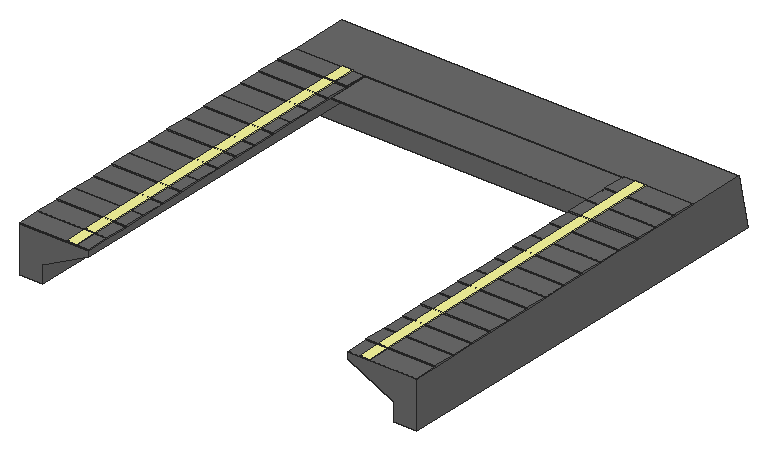
Revit family "Dock_Seal_Nova-Tech_FPHU", category Generic Models, Revit 2026
Family settings
  Can host rebar = No
  Round Connector Dimension = Use Diameter
  Part Type = Normal
  Classification Number = 23.50.70.11
  Work Plane-Based = Yes
  Always vertical = No
  Cut with Voids When Loaded = No
  Maintain Annotation Orientation = No
  Shared = No
  Room Calculation Point = No
Parameters
  projectionabs [instance] = abs(Projection_Top - Projection_Bottom) / 0' 1"  # 2
  faceangle [instance] = if(Projection_Top > Projection_Bottom, atan(projectionabs / ((Unit Height + Header Height) / 0' 1")), -atan(projectionabs / ((Unit Height + Header Height) / 0' 1")))  # 0.795724°
  Warranty Duration (Years) = 0
  Unit Width [instance] = (Opening Width + (Panel Width_Front * 2))  # 11' - 6"
  Unit Height [instance] = 10' - 0"
  Unit Depth [instance] = if(Projection_Top > Projection_Bottom, Projection_Top, Projection_Bottom)  # 1' - 6"
  URL = "http://www.novalocks.com/"
  Test Data = ""
  Specification = "http://arcat.com/arcatcos/cos43/arc43493.html?isac=1&r=2"
  SpecWizard = ""
  Send Message = "http://www.arcat.com/users.pl?action=UserEmail&company=Nova+Technology&coid=43493&rep=132&fax=262-502-1511&mf="
  Sales Information = "http://www.novalocks.com/general-contact-info/"
  Revision = "R1_02-2013"
  Pull Rope System for Drop Curtain [instance] = yes
  Projection_Top [instance] = 1' - 6"
  Projection_Bottom [instance] = 1' - 4"
  Product Properties = ""
  Product Data = "http://arcat.com/arcatcos/cos43/arc43493.html?isac=1&r=2"
  Pleat Sizing [instance] = Pleats : 8in Spacing
  Panel Width_Front [instance] = 2' - 0"
  Panel Width_Back = 0' - 8"
  Overall Height [instance] = Unit Height + Header Height  # 12' - 0"
  Opening Width Minimum = 6' - 6"
  Opening Width Maximum = 8' - 6"
  Opening Width [instance] = 7' - 6"
  Opening Height Minimum = 3' - 0"
  Opening Height Maximum = 12' - 0"
  Opening Height [instance] = Unit Height + Header Height  # 12' - 0"
  Model = "As Specified"
  Material = Polyethylene Sheeting - Black
  Manufacturer Website = "http://www.novalocks.com/"
  Manufacturer Phone - Toll Free = "800-236-7325"
  Manufacturer Phone = "262-502-1591"
  Manufacturer Fax = "262-502-1511"
  Manufacturer Address = "N90 W14507 Commerce Dr. Menomonee Falls, WI 53051"
  Manufacturer = "Nova Technology"
  Maintenance Schedule (Months) = 0
  Keynote = "11160"
  Installation-Fabrication = ""
  Installation Phase = ""
  Header Height [instance] = 2' - 0"
  Guide Color = Polyethylene Sheeting - Yellow
  Green Building-LEED = ""
  Full Length Guide Strip [instance] = yes
  Flame Retardant Foam and Fabric [instance] = yes
  Expected Lifespan (Years) = 0
  Drop Curtain [instance] = yes
  Drawn By = "Sumex Design, Inc. / Robert S. Weygant, CSI, CDT, SCIP"
  Description = "Nova Technology Dock Seal as Specified"
  Default Elevation = 4' - 0"
  Curtain Drop [instance] = 1' - 3"
  Copyright = "©Arcat Inc."
  Construction Details = ""
  Building Codes = ""
  Assembly Code = "E1030300"
  Armor Pleats = yes
Reference planes (in)
  plane 1 "Base": y = 0
  plane 2 "Host": z = 0
  plane 3 "Center (Left/Right)": x = 0
  plane 4 "OH": y = 120
  plane 5 "Left": x = -45
  plane 6 "Right": x = 45
  plane 7 "Front": z = 18
  plane 8: x = -69
  plane 9: x = 69
  plane 10: x = -45
  plane 11: x = 45
  plane 12: y = 124
  plane 13: y = 126
  plane 14: y = 144
  plane 15: y = 105
  plane 16: z = 18
  plane 17: z = 16
  plane 18: x = -61
  plane 19: x = 61
Forms (in)
  Extrusion 1, void
    sketch origin (0, 0, 0) x (1, 0, 0) y (0, 0, 1)
      loop
        line (-61, 0) -> (-45, 0) -> (-45, 14) -> (-61, 6) -> (-61, 0)
      loop
        line (61, 0) -> (61, 6) -> (45, 14) -> (45, 0) -> (61, 0)
    from -120 to 0
  Extrusion 2, solid, material "Polyethylene Sheeting - Black" <- "Material"
    sketch origin (0, 0, 0) x (0, 1, 0) y (0, 0, 1)
      loop
        line (0, 0) -> (144, 0) -> (144, 18) -> (0, 16) -> (0, 0)
    from -69 to 69
  Extrusion 3, void
    sketch origin (0, 0, 0) x (0, 1, 0) y (0, 0, 1)
      loop
        line (120, 0) -> (120, 18) -> (0, 18) -> (0, 0) -> (120, 0)
    from -45 to 45
  Extrusion 4, solid, material "Polyethylene Sheeting - Black" <- "Material", visible <- "Drop Curtain"
    sketch origin (0, 0, 0) x (0, 1, 0) y (0, 0, 1)
      loop
        line (120, 17.66667) -> (105, 17.45833) -> (105, 17.26523) -> (120, 17.47356) -> (120, 17.66667)
    from -45 to 45
  Extrusion 5, void
    sketch origin (0, 0, 0) x (0, 1, 0) y (0, 0, 1)
      loop
        line (144, 0) -> (144, 18) -> (140, 18) -> (144, 0)
    from -69 to 69
Cuts and joins
  Extrusion 1, Extrusion 3, Extrusion 5 cuts Extrusion 2
Lines and regions (in)
  reference lines
    curve 1: line (0, 0, 16) -> (0, -0.04802, 19.45744)
Dimensions and locks (in)
  equal spacing: plane 5 "Left", plane 3 "Center (Left/Right)", plane 6 "Right"
  equal spacing: plane 8, plane 3 "Center (Left/Right)", plane 9
  "Opening Width": plane 5 "Left" to plane 6 "Right"
  "Unit Width": plane 8 to plane 9
  "Unit Height": plane 1 "Base" to plane 4 "OH"
  "Unit Depth": plane 7 "Front" to level
  locked: plane 13 to plane 12 at 2
  "Panel Width_Front": plane 8 to plane 10
  "Panel Width_Front": plane 11 to plane 9
  "Header Height": plane 14 to plane 4 "OH"
  locked: plane 12 to plane 4 "OH" at 4
  "Curtain Drop": plane 4 "OH" to plane 15
  "Projection_Top": plane 16 to level
  "Projection_Bottom": plane 17 to level
  "Panel Width_Back": Extrusion 1 sketch curve to plane 8
  locked: Extrusion 1 sketch curve to level at 6  (x2)
  "Panel Width_Back": plane 9 to Extrusion 1 sketch curve
  locked: plane 17 to Extrusion 1 sketch curve at 2  (x2)
  "Panel Width_Back": plane 8 to plane 18
  "Panel Width_Back": plane 19 to plane 9
  locked: cut or joined group of Extrusion 1, Extrusion 2, Extrusion 3, Extrusion 5 to Extrusion 4 sketch curve at 0.19309
  locked: Extrusion 5 sketch curve to plane 14 at 4
  "faceangle": angle plane 4 "OH" to curve 1
  aligned and locked: plane 10 to Extrusion 1 sketch curve
  aligned and locked: plane 11 to Extrusion 1 sketch curve
  aligned and locked: plane 4 "OH" to Extrusion 1
  aligned and locked: plane 1 "Base" to Extrusion 1
  aligned and locked: plane 1 "Base" to Extrusion 2 sketch curve
  aligned and locked: Extrusion 2 sketch curve to level
  aligned and locked: plane 9 to Extrusion 2
  aligned and locked: plane 14 to Extrusion 2 sketch curve  (x2)
  aligned and locked: Extrusion 2 sketch curve to plane 16
  aligned and locked: Extrusion 2 to plane 8
  aligned and locked: Extrusion 3 sketch curve to level
  aligned and locked: plane 4 "OH" to Extrusion 3 sketch curve
  aligned and locked: Extrusion 3 sketch curve to plane 7 "Front"
  aligned and locked: plane 1 "Base" to Extrusion 3 sketch curve
  aligned and locked: plane 11 to Extrusion 3
  aligned and locked: Extrusion 3 to plane 10
  aligned and locked: plane 9 to nested 2
  aligned and locked: plane 17 to Extrusion 2 sketch curve
  aligned and locked: plane 8 to nested 1
  aligned and locked: nested 1 to cut or joined group of Extrusion 1, Extrusion 2, Extrusion 3, Extrusion 5
  aligned and locked: plane 17 to curve 1
  aligned and locked: plane 4 "OH" to Extrusion 4 sketch curve
  aligned and locked: Extrusion 4 sketch curve to plane 15
  aligned and locked: cut or joined group of Extrusion 1, Extrusion 2, Extrusion 3, Extrusion 5 to Extrusion 4 sketch curve
  aligned and locked: Extrusion 5 sketch curve to plane 7 "Front"
  aligned and locked: plane 14 to Extrusion 5 sketch curve
  aligned and locked: plane 9 to Extrusion 5
  aligned and locked: Extrusion 5 to plane 8
  aligned and locked: plane 6 "Right" to Extrusion 4
  aligned and locked: Extrusion 4 to plane 5 "Left"
  aligned and locked: plane 1 "Base" to curve 1
  aligned and locked: nested 2 to curve 1
  aligned and locked: nested 1 to curve 1
Automatic sketch dimensions
  Extrusion 1 sketch curve to level = 0' - 0"  (x2)
  Extrusion 5 sketch curve to level = 0' - 0"
Nested families (in)
  nested 1: "Pleats" at (-69, 0, 16) x (1, 0, 0) z (0, -0.0139, 0.9999), visible <- "Armor Pleats", Width <- "Panel Width_Front", Unit Height <- "Unit Height", Full Length Guide Strip <- "Full Length Guide Strip", type <- "Pleat Sizing", type "8in Spacing"
    with Width 2' - 0", Unit Height 10' - 0", Remainder 0' - 0", Pleatscount 13.9, Pleats 14, Last Pleat 0' - 8", Guide Strip Length 10' - 0", Full Length Guide Strip yes, Pleat Spacing 0' - 8"
  nested 2: "Pleats" at (69, 0, 16) x (-1, 0, 0) z (0, -0.0139, 0.9999), visible <- "Armor Pleats", Width <- "Panel Width_Front", Unit Height <- "Unit Height", Full Length Guide Strip <- "Full Length Guide Strip", type <- "Pleat Sizing", type "8in Spacing"
    with Width 2' - 0", Unit Height 10' - 0", Remainder 0' - 0", Pleatscount 13.9, Pleats 14, Last Pleat 0' - 8", Guide Strip Length 10' - 0", Full Length Guide Strip yes, Pleat Spacing 0' - 8"
Definition of nested family "Pleats"
  Parameters
    Width [instance] = 1' - 0"
    Unit Height [instance] = 10' - 0"
    Pleatscount [instance] = (Unit Height / Pleat Spacing) - 1.1  # 6.4
    Pleats [instance] = Pleatscount  # 6
    Pleat Spacing = 1' - 4"
    Material = none
    Remainder [instance] = Unit Height - ((Pleats + 1) * (Pleat Spacing / 0' 1")) * 0' 1"  # 0' - 8"
    Last Pleat [instance] = if(Remainder = 0' 0", Pleat Spacing, Remainder)  # 0' - 8"
    Guide Strip Length [instance] = if(Full Length Guide Strip, Unit Height, 2' 0")  # 10' - 0"
    Guide Strip = none
    Full Length Guide Strip [instance] = yes
    Default Elevation = 4' - 0"
    Assembly Code = ""
    Armor Pleats = yes
  Reference planes (in)
    plane 1 "Center (Front/Back)": y = 0
    plane 2: z = 0
    plane 3 "Center (Left/Right)": x = 0
    plane 4: x = 12
    plane 5: y = 120
    plane 6: y = 16
  Forms (in)
    Extrusion 1, solid, material <- "Material", visible <- "Armor Pleats"
      sketch origin (0, 0, 0) x (0, 1, 0) y (0, 0, 1)
        loop
          line (0, 0) -> (16, 0) -> (16, 0.25) -> (0, 0.25) -> (0, 0)
      from 0 to 12
    Extrusion 2, solid, material <- "Material", visible <- "Armor Pleats"
      sketch origin (0, 0, 0) x (0, 1, 0) y (0, 0, 1)
        loop
          line (112, 0) -> (120, 0) -> (120, 0.25) -> (112, 0.5) -> (112, 0)
      from 0 to 12
    Extrusion 3, solid, material <- "Guide Strip"
      sketch origin (0, 0, 0) x (0, 1, 0) y (0, 0, 1)
        loop
          line (0, 0.25) -> (120, 0.25) -> (120, 0.56422) -> (15.875, 0.56422) -> (15.875, 0.375) -> (0, 0.375) -> (0, 0.25)
      from 4.25 to 7.75
  Lines and regions (in)
    model lines
      curve 1: line (0, 0, 0) -> (0, 0, 0.25)
      curve 2: line (0, 0, 0) -> (0, 9, 0)
  Dimensions and locks (in)
    "Width": plane 3 "Center (Left/Right)" to plane 4
    equal spacing: group 1, group 2, group 3, group 4, group 5, group 6  (x3)
    "Pleat Spacing": plane 1 "Center (Front/Back)" to Extrusion 1 sketch curve
    "Unit Height": plane 1 "Center (Front/Back)" to plane 5
    "Last Pleat": Extrusion 2 sketch curve to plane 5
    "Pleat Spacing": nested 1 to nested 2
    "Pleat Spacing": plane 1 "Center (Front/Back)" to nested 1
    "Pleat Spacing": plane 1 "Center (Front/Back)" to plane 6
    locked: Extrusion 3 sketch curve to plane 6 at 0.125
    Extrusion 3 to Extrusion 3 to plane 4 = 0' - 3 1/2" locked, 0' - 4 1/4" locked
    "Guide Strip Length": plane 1 "Center (Front/Back)" to Extrusion 3 sketch curve
    aligned and locked: plane 3 "Center (Left/Right)" to nested 1
    aligned and locked: plane 4 to nested 1
    aligned and locked: plane 3 "Center (Left/Right)" to nested 2
    aligned and locked: plane 4 to nested 2
    aligned and locked: Extrusion 1 to plane 4
    aligned and locked: plane 5 to Extrusion 2 sketch curve
    aligned and locked: plane 4 to Extrusion 2
    aligned and locked: Extrusion 2 to plane 3 "Center (Left/Right)"
  Automatic sketch dimensions
    curve 1 to plane 1 "Center (Front/Back)" = 0' - 0"
    curve 2 to level = 0' - 0"
    curve 1 to curve 2 = 0' - 9"
    curve 1 to curve 1 = 0' - 0 1/4"
    Extrusion 1 sketch curve to level = 0' - 0"
    level to Extrusion 1 sketch curve = 0' - 0 1/4"
    Extrusion 1 sketch curve to plane 1 "Center (Front/Back)" = 0' - 0"
    Extrusion 2 sketch curve to level = 0' - 0"
    level to Extrusion 2 sketch curve = 0' - 0 1/4"
    level to Extrusion 2 sketch curve = 0' - 0 1/2"
    Extrusion 3 sketch curve to plane 1 "Center (Front/Back)" = 0' - 0"
    level to Extrusion 3 sketch curve = 0' - 0.56422"
    Extrusion 3 sketch curve to Extrusion 3 sketch curve = 0' - 0.18922"
    Extrusion 3 sketch curve to Extrusion 3 sketch curve = 0' - 0 1/8"
  Nested families (in)
    nested 1: "Pleat" at (0, 16, 0), Width <- "Width", visible <- "Armor Pleats", Mat <- "Material", Pleat Spacing <- "Pleat Spacing", type "Pleat"
      with Width 1' - 0", Pleat Spacing 1' - 4", Mat none
    nested 2: "Pleat" at (0, 32, 0), Width <- "Width", visible <- "Armor Pleats", Mat <- "Material", Pleat Spacing <- "Pleat Spacing", type "Pleat"
      with Width 1' - 0", Pleat Spacing 1' - 4", Mat none
    nested 3: "Pleat" at (0, 48, 0), Width <- "Width", visible <- "Armor Pleats", Mat <- "Material", Pleat Spacing <- "Pleat Spacing", type "Pleat"
      with Width 1' - 0", Pleat Spacing 1' - 4", Mat none
    nested 4: "Pleat" at (0, 64, 0), Width <- "Width", visible <- "Armor Pleats", Mat <- "Material", Pleat Spacing <- "Pleat Spacing", type "Pleat"
      with Width 1' - 0", Pleat Spacing 1' - 4", Mat none
    nested 5: "Pleat" at (0, 80, 0), Width <- "Width", visible <- "Armor Pleats", Mat <- "Material", Pleat Spacing <- "Pleat Spacing", type "Pleat"
      with Width 1' - 0", Pleat Spacing 1' - 4", Mat none
    nested 6: "Pleat" at (0, 96, 0), Width <- "Width", visible <- "Armor Pleats", Mat <- "Material", Pleat Spacing <- "Pleat Spacing", type "Pleat"
      with Width 1' - 0", Pleat Spacing 1' - 4", Mat none
  Definition of nested family "Pleat"
    Parameters
      Width [instance] = 1' - 0"
      Pleat Spacing [instance] = 0' - 8"
      Mat [instance] = none
      Default Elevation = 0' - 0"
      Armor Pleats = yes
    Reference planes (in)
      plane 1 "Center (Front/Back)": y = 0
      plane 2: z = 0
      plane 3 "Center (Left/Right)": x = 0
      plane 4: x = 12
    Forms (in)
      Extrusion 1, solid, material <- "Mat"
        sketch origin (0, -9, 0) x (0, 1, 0) y (0, 0, 1)
          loop
            line (9, 0) -> (17, 0) -> (17, 0.21875) -> (9, 0.4375) -> (9, 0)
        from 0 to 12
    Dimensions and locks (in)
      "Width": plane 3 "Center (Left/Right)" to plane 4
      "Pleat Spacing": Extrusion 1 sketch curve to Extrusion 1 sketch curve
      aligned and locked: Extrusion 1 to plane 4
      aligned and locked: Extrusion 1 to plane 3 "Center (Left/Right)"
    Automatic sketch dimensions
      Extrusion 1 sketch curve to plane 1 "Center (Front/Back)" = 0' - 0"
      Extrusion 1 sketch curve to level = 0' - 0"
      Extrusion 1 sketch curve to Extrusion 1 sketch curve = 0' - 0 7/16"
      level to Extrusion 1 sketch curve = 0' - 0 7/32"
